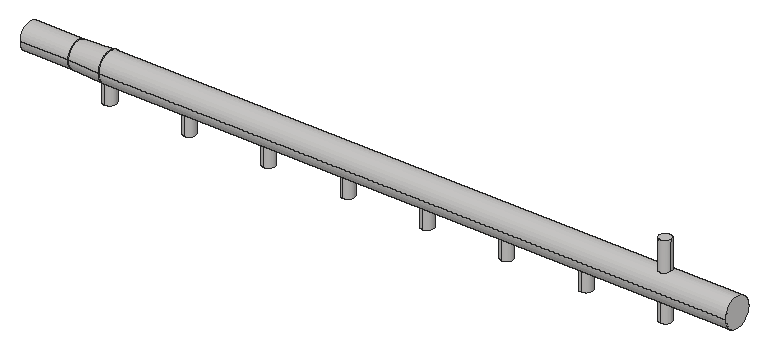
Revit family "BIMLIB_Коллектор_867_8_РОСТерм", category Оборудование, Revit 2017
Family settings
  Размер круглого соединителя = Использовать диаметр
  Тип детали = Нормальный
  На основе рабочей плоскости = Нет
  Всегда вертикально = Да
  При загрузке вырезать с полостями = Нет
  Общий = Нет
  Точка расчета площади = Нет
Parameters (values of type "Коллектор HEIZEN 867 для систем отопления сварной Ду32 на 8 выходов")
  РТ_Шаг = 100 mm
  РТ_l = 100 mm  # constant formula
  РТ_R1 = 18 mm
  РТ_R_низ = РТ_DN_низ / 2  # 7.5 mm
  РТ_DN3 = 15 mm
  Описание = "Коллекторы Heizen изготовлены из высококачественной латуни и нержавеющей стали, что исключает риск протечек. Коллекторы могут быть оснащены различными видами арматуры: ручными балансировочными клапанами,ручными запорными клапанами, термостатическими клапанами, расходомерами, воздухоотводчиками и дренажными кранами."
  РТ_DN_низ = 15 mm  # constant formula
  РТ_DN_бок = 32 mm
  Изготовитель = "РОСТерм"  # constant formula
  URL = "http://rostherm.ru/"
  RT_R2 = РТ_DN_бок / 2  # 16 mm
  BL_Разработано = "support@bimlib.ru"  # constant formula
  BL_Email = "rostherm@bimlib.ru"  # constant formula
  BL_BIM library = "https://bimlib.pro/manufacturer/rosterm/1632/"
  ADSK_Расход жидкости [instance] = 0.0 L/s
  ADSK_Примечание = ""
  ADSK_Позиция = ""
  ADSK_Обозначение = "ГОСТ 12.2.063-2015"  # constant formula
  ADSK_Наименование краткое = "HEIZEN 867 Ду32"
  ADSK_Наименование = "Коллектор HEIZEN 867 для систем отопления сварной Ду32 на 8 выходов"
  ADSK_Материал = BIMLIB_Нержавеющая_сталь_РОСТерм
  ADSK_Масса_Текст = ""
  ADSK_Масса = 0
  ADSK_Марка = "HEIZEN 867"  # constant formula
  ADSK_Код изделия = "867-32-10-08"
  ADSK_Завод-изготовитель = "Heizen"  # constant formula
  ADSK_Единица измерения = "шт."  # constant formula
  ADSK_Версия Revit = "2017"  # constant formula
  ADSK_URL страницы изделия = "http://rostherm.ru/kollektory/"
  ADSK_URL документации изделия = "http://rostherm.ru/"
Types (3, lengths in mm): name | РТ_R1 | РТ_DN3 | РТ_DN_бок | RT_R2 | ADSK_Наименование краткое | ADSK_Наименование | ADSK_Код изделия
  Коллектор HEIZEN 867 для систем отопления сварной Ду50 на 8 выходов | 27 | 609.6 | 50 | 25 | "HEIZEN 867 Ду50" | "Коллектор HEIZEN 867 для систем отопления сварной Ду50 на 8 выходов" | "867-50-10-08"
  Коллектор HEIZEN 867 для систем отопления сварной Ду40 на 8 выходов | 22 | 609.6 | 40 | 20 | "HEIZEN 867 Ду40" | "Коллектор HEIZEN 867 для систем отопления сварной Ду40 на 8 выходов" | "867-40-10-08"
  Коллектор HEIZEN 867 для систем отопления сварной Ду32 на 8 выходов | 18 | 15 | 32 | 16 | "HEIZEN 867 Ду32" | "Коллектор HEIZEN 867 для систем отопления сварной Ду32 на 8 выходов" | "867-32-10-08"
Reference planes
  plane 1 "По центру (Вперед/Назад)": y = 0
  plane 2: z = 0
  plane 3 "По центру (Влево/Вправо)": x = 0
  plane 4: x = 100
  plane 5: x = 60
Forms (mm)
  Extrusion 1, solid, material "BIMLIB_Нержавеющая_сталь_РОСТерм" <- "ADSK_Материал", detail levels medium+fine
    sketch origin (65, 0, 0) x (0, 1, 0) y (0, 0, 1)
      loop
        circle (0, 0) r 18
    from 35 to 825
  Sweep 2, solid, material "BIMLIB_Нержавеющая_сталь_РОСТерм" <- "ADSK_Материал", detail levels medium+fine
    path origin (65, 0, 7.5) x (1, 0, 0) y (0, 0, 1)
      loop
        line (35, -7.5) -> (35, -47.5)
    profile origin (100, 0, -20) x (0, -1, 0) y (1, 0, 0)
      loop
        circle (0, 0) r 7.5
  Blend 3, solid, material "BIMLIB_Нержавеющая_сталь_РОСТерм" <- "ADSK_Материал", detail levels medium+fine
    base sketch origin (50, 0, 0) x (0, 1, 0) y (0, 0, 1)
      loop
        circle (0, 0) r 18
    top sketch origin (50, 0, 0) x (0, 1, 0) y (0, 0, 1)
      loop
        circle (0, 0) r 16
    from 50 to 10
  Extrusion 4, solid, material "BIMLIB_Нержавеющая_сталь_РОСТерм" <- "ADSK_Материал", detail levels medium+fine
    sketch origin (50, 0, 0) x (0, 1, 0) y (0, 0, 1)
      loop
        circle (0, 0) r 16
    from -50 to 10
  Sweep 5, solid, material "BIMLIB_Нержавеющая_сталь_РОСТерм" <- "ADSK_Материал", detail levels medium+fine
    path origin (165, 0, 7.5) x (1, 0, 0) y (0, 0, 1)
      loop
        line (35, -7.5) -> (35, -47.5)
    profile origin (200, 0, -20) x (0, -1, 0) y (1, 0, 0)
      loop
        circle (0, 0) r 7.5
  Sweep 6, solid, material "BIMLIB_Нержавеющая_сталь_РОСТерм" <- "ADSK_Материал", detail levels medium+fine
    path origin (265, 0, 7.5) x (1, 0, 0) y (0, 0, 1)
      loop
        line (35, -7.5) -> (35, -47.5)
    profile origin (300, 0, -20) x (0, -1, 0) y (1, 0, 0)
      loop
        circle (0, 0) r 7.5
  Sweep 7, solid, material "BIMLIB_Нержавеющая_сталь_РОСТерм" <- "ADSK_Материал", detail levels medium+fine
    path origin (365, 0, 7.5) x (1, 0, 0) y (0, 0, 1)
      loop
        line (35, -7.5) -> (35, -47.5)
    profile origin (400, 0, -20) x (0, -1, 0) y (1, 0, 0)
      loop
        circle (0, 0) r 7.5
  Sweep 8, solid, material "BIMLIB_Нержавеющая_сталь_РОСТерм" <- "ADSK_Материал", detail levels medium+fine
    path origin (465, 0, 7.5) x (1, 0, 0) y (0, 0, 1)
      loop
        line (35, -7.5) -> (35, -47.5)
    profile origin (500, 0, -20) x (0, -1, 0) y (1, 0, 0)
      loop
        circle (0, 0) r 7.5
  Sweep 9, solid, material "BIMLIB_Нержавеющая_сталь_РОСТерм" <- "ADSK_Материал", detail levels medium+fine
    path origin (565, 0, 7.5) x (1, 0, 0) y (0, 0, 1)
      loop
        line (35, -7.5) -> (35, -47.5)
    profile origin (600, 0, -20) x (0, -1, 0) y (1, 0, 0)
      loop
        circle (0, 0) r 7.5
  Sweep 10, solid, material "BIMLIB_Нержавеющая_сталь_РОСТерм" <- "ADSK_Материал", detail levels medium+fine
    path origin (665, 0, 7.5) x (1, 0, 0) y (0, 0, 1)
      loop
        line (35, -7.5) -> (35, -47.5)
    profile origin (700, 0, -20) x (0, -1, 0) y (1, 0, 0)
      loop
        circle (0, 0) r 7.5
  Sweep 11, solid, material "BIMLIB_Нержавеющая_сталь_РОСТерм" <- "ADSK_Материал", detail levels medium+fine
    path origin (765, 0, 7.5) x (1, 0, 0) y (0, 0, 1)
      loop
        line (35, -7.5) -> (35, -47.5)
    profile origin (800, 0, -20) x (0, -1, 0) y (1, 0, 0)
      loop
        circle (0, 0) r 7.5
  Extrusion 12, solid, material "BIMLIB_Нержавеющая_сталь_РОСТерм" <- "ADSK_Материал", detail levels medium+fine
    sketch origin (-300.906, 0, 0) x (1, 0, 0) y (0, 1, 0)
      loop
        circle (1100.602, 0) r 7.5
    from 0 to 52.797
Cuts and joins
  joined: Extrusion 1, Extrusion 12
Lines and regions (mm)
  model lines, detail levels coarse
    curve 1: line (0, 0, 0) -> (890, 0, 0)
    curve 2: line (100, 0, 0) -> (100, 0, -40)
    curve 3: line (200.436, 0, -40) -> (200.436, 0, 0)
    curve 4: line (300, 0, -40) -> (300, 0, 0)
    curve 5: line (400, 0, -40) -> (400, 0, 0)
    curve 6: line (500.436, 0, -40) -> (500.436, 0, 0)
    curve 7: line (600, 0, -40) -> (600, 0, 0)
    curve 8: line (700, 0, -40) -> (700, 0, 0)
    curve 9: line (800.436, 0, -40) -> (800.436, 0, 0)
Dimensions and locks
  "РТ_l": plane 4 to plane 3 "По центру (Влево/Вправо)"
  Sweep 2 sketch curve to Sweep 2 sketch curve = 40 mm
  locked: plane 4 to plane 5 at 40
  Sweep 5 sketch curve to Sweep 5 sketch curve = 40 mm
  Sweep 6 sketch curve to Sweep 6 sketch curve = 40 mm
  Sweep 7 sketch curve to Sweep 7 sketch curve = 40 mm
  Sweep 8 sketch curve to Sweep 8 sketch curve = 40 mm
  Sweep 9 sketch curve to Sweep 9 sketch curve = 40 mm
  Sweep 10 sketch curve to Sweep 10 sketch curve = 40 mm
  Sweep 11 sketch curve to Sweep 11 sketch curve = 40 mm
  "РТ_R1": radius of Extrusion 1 sketch curve
  "РТ_R_низ": radius of Sweep 2 sketch curve
  "РТ_R1": radius of Blend 3 sketch curve
  "RT_R2": radius of Blend 3 sketch curve
  "RT_R2": radius of Extrusion 4 sketch curve
  "РТ_R_низ": radius of Sweep 5 sketch curve
  "РТ_R_низ": radius of Sweep 6 sketch curve
  "РТ_R_низ": radius of Sweep 7 sketch curve
  "РТ_R_низ": radius of Sweep 8 sketch curve
  "РТ_R_низ": radius of Sweep 9 sketch curve
  "РТ_R_низ": radius of Sweep 10 sketch curve
  "РТ_R_низ": radius of Sweep 11 sketch curve
  "РТ_R_низ": radius of Extrusion 12 sketch curve
  aligned and locked: level to plane 2
  aligned and locked: curve 2 to plane 4
  aligned and locked: plane 4 to Sweep 2
  aligned and locked: Blend 3 to plane 5
  aligned and locked: Extrusion 4 to plane 3 "По центру (Влево/Вправо)"
  aligned and locked: Extrusion 4 to Blend 3
  aligned and locked: curve 1 to cut or joined group of Extrusion 1, Extrusion 12
Automatic sketch dimensions
  Sweep 2 sketch curve to profile plane = 0 mm
  profile plane to Sweep 2 sketch curve = 0 mm
  Extrusion 1 sketch curve to level = 0 mm
  Extrusion 1 sketch curve to plane 1 "По центру (Вперед/Назад)" = 0 mm
  Blend 3 sketch curve to level = 0 mm  (x2)
  Blend 3 sketch curve to plane 1 "По центру (Вперед/Назад)" = 0 mm  (x2)
  Extrusion 4 sketch curve to level = 0 mm
  Extrusion 4 sketch curve to plane 1 "По центру (Вперед/Назад)" = 0 mm
  Sweep 5 sketch curve to profile plane = 0 mm
  profile plane to Sweep 5 sketch curve = 0 mm
  Sweep 6 sketch curve to profile plane = 0 mm
  profile plane to Sweep 6 sketch curve = 0 mm
  Sweep 7 sketch curve to profile plane = 0 mm
  profile plane to Sweep 7 sketch curve = 0 mm
  Sweep 8 sketch curve to profile plane = 0 mm
  profile plane to Sweep 8 sketch curve = 0 mm
  Sweep 9 sketch curve to profile plane = 0 mm
  profile plane to Sweep 9 sketch curve = 0 mm
  Sweep 10 sketch curve to profile plane = 0 mm
  profile plane to Sweep 10 sketch curve = 0 mm
  Sweep 11 sketch curve to profile plane = 0 mm
  profile plane to Sweep 11 sketch curve = 0 mm
  plane 1 "По центру (Вперед/Назад)" to Extrusion 12 sketch curve = 0 mm
  plane 4 to Extrusion 12 sketch curve = 699.697 mm
  curve 1 to plane 3 "По центру (Влево/Вправо)" = 0 mm
  curve 3 to level = 40 mm
  curve 2 to curve 3 = 100.436 mm
  curve 4 to level = 40 mm
  curve 3 to curve 4 = 99.564 mm
  curve 4 to curve 5 = 100 mm
  curve 6 to level = 40 mm
  curve 5 to curve 6 = 100.436 mm
  curve 7 to level = 40 mm
  curve 6 to curve 7 = 99.564 mm
  curve 8 to level = 40 mm
  curve 7 to curve 8 = 100 mm
  curve 8 to curve 9 = 100.436 mm
  curve 9 to curve 1 = 89.564 mm
  curve 9 to curve 9 = 40 mm
  curve 2 to level = 40 mm
  curve 5 to curve 5 = 40 mm
Connectors
  piping at (100, 0, -40), diameter 15, driven by "РТ_DN_низ", driven by "ADSK_Расход жидкости"
    settings: on Sweep 2, index 3, connector inside diameter 609.6 mm, connector length 0 mm, flow factor 0, pipe flow 0.0 L/s, pressure drop 0.0 Pa, fitting loss kfactor 0, connector angle 0.00°, fixture units 0, engagement length 0 mm, angle of deflection 0.00°, flow configuration 0, flow direction 2, fitting loss method 0, system type 7, joint type 0, gender type 0, connector reference index -1, connector utility 0, adjustable connector no, is connector primary yes, connector description ""
  piping at (0, 0, 0), diameter 32, driven by "ADSK_Расход жидкости", driven by "РТ_DN_бок"
    settings: on Extrusion 4, index 38, connector inside diameter 609.6 mm, connector length 0 mm, flow factor 0, pipe flow 0.0 L/s, pressure drop 0.0 Pa, fitting loss kfactor 0, connector angle 0.00°, fixture units 0, engagement length 0 mm, angle of deflection 0.00°, flow configuration 0, flow direction 1, fitting loss method 0, system type 7, joint type 0, gender type 0, connector reference index -1, connector utility 0, adjustable connector no, is connector primary no, connector description ""
  piping at (200, 0, -40), diameter 15, driven by "РТ_DN_низ", driven by "ADSK_Расход жидкости"
    settings: on Sweep 5, index 39, connector inside diameter 609.6 mm, connector length 0 mm, flow factor 0, pipe flow 0.0 L/s, pressure drop 0.0 Pa, fitting loss kfactor 0, connector angle 0.00°, fixture units 0, engagement length 0 mm, angle of deflection 0.00°, flow configuration 0, flow direction 2, fitting loss method 0, system type 7, joint type 0, gender type 0, connector reference index -1, connector utility 0, adjustable connector no, is connector primary no, connector description ""
  piping at (300, 0, -40), diameter 15, driven by "РТ_DN_низ", driven by "ADSK_Расход жидкости"
    settings: on Sweep 6, index 40, connector inside diameter 609.6 mm, connector length 0 mm, flow factor 0, pipe flow 0.0 L/s, pressure drop 0.0 Pa, fitting loss kfactor 0, connector angle 0.00°, fixture units 0, engagement length 0 mm, angle of deflection 0.00°, flow configuration 0, flow direction 2, fitting loss method 0, system type 7, joint type 0, gender type 0, connector reference index -1, connector utility 0, adjustable connector no, is connector primary no, connector description ""
  piping at (400, 0, -40), diameter 15, driven by "РТ_DN_низ", driven by "ADSK_Расход жидкости"
    settings: on Sweep 7, index 41, connector inside diameter 609.6 mm, connector length 0 mm, flow factor 0, pipe flow 0.0 L/s, pressure drop 0.0 Pa, fitting loss kfactor 0, connector angle 0.00°, fixture units 0, engagement length 0 mm, angle of deflection 0.00°, flow configuration 0, flow direction 2, fitting loss method 0, system type 7, joint type 0, gender type 0, connector reference index -1, connector utility 0, adjustable connector no, is connector primary no, connector description ""
  piping at (500, 0, -40), diameter 15, driven by "РТ_DN_низ", driven by "ADSK_Расход жидкости"
    settings: on Sweep 8, index 42, connector inside diameter 609.6 mm, connector length 0 mm, flow factor 0, pipe flow 0.0 L/s, pressure drop 0.0 Pa, fitting loss kfactor 0, connector angle 0.00°, fixture units 0, engagement length 0 mm, angle of deflection 0.00°, flow configuration 0, flow direction 2, fitting loss method 0, system type 7, joint type 0, gender type 0, connector reference index -1, connector utility 0, adjustable connector no, is connector primary no, connector description ""
  piping at (600, 0, -40), diameter 15, driven by "РТ_DN_низ", driven by "ADSK_Расход жидкости"
    settings: on Sweep 9, index 43, connector inside diameter 609.6 mm, connector length 0 mm, flow factor 0, pipe flow 0.0 L/s, pressure drop 0.0 Pa, fitting loss kfactor 0, connector angle 0.00°, fixture units 0, engagement length 0 mm, angle of deflection 0.00°, flow configuration 0, flow direction 2, fitting loss method 0, system type 7, joint type 0, gender type 0, connector reference index -1, connector utility 0, adjustable connector no, is connector primary no, connector description ""
  piping at (700, 0, -40), diameter 15, driven by "РТ_DN_низ", driven by "ADSK_Расход жидкости"
    settings: on Sweep 10, index 44, connector inside diameter 609.6 mm, connector length 0 mm, flow factor 0, pipe flow 0.0 L/s, pressure drop 0.0 Pa, fitting loss kfactor 0, connector angle 0.00°, fixture units 0, engagement length 0 mm, angle of deflection 0.00°, flow configuration 0, flow direction 2, fitting loss method 0, system type 7, joint type 0, gender type 0, connector reference index -1, connector utility 0, adjustable connector no, is connector primary no, connector description ""
  piping at (800, 0, -40), diameter 15, driven by "РТ_DN_низ", driven by "ADSK_Расход жидкости"
    settings: on Sweep 11, index 45, connector inside diameter 609.6 mm, connector length 0 mm, flow factor 0, pipe flow 0.0 L/s, pressure drop 0.0 Pa, fitting loss kfactor 0, connector angle 0.00°, fixture units 0, engagement length 0 mm, angle of deflection 0.00°, flow configuration 0, flow direction 2, fitting loss method 0, system type 7, joint type 0, gender type 0, connector reference index -1, connector utility 0, adjustable connector no, is connector primary no, connector description ""
  piping at (799.697, 0, 52.797), diameter 15, driven by "РТ_DN3", driven by "ADSK_Расход жидкости"
    settings: on cut or joined group of Extrusion 1, Extrusion 12, index 46, connector inside diameter 609.6 mm, connector length 0 mm, flow factor 0, pipe flow 0.0 L/s, pressure drop 0.0 Pa, fitting loss kfactor 0, connector angle 0.00°, fixture units 0, engagement length 0 mm, angle of deflection 0.00°, flow configuration 0, flow direction 0, fitting loss method 0, system type 29, joint type 0, gender type 0, connector reference index -1, connector utility 0, adjustable connector no, is connector primary no, connector description ""
